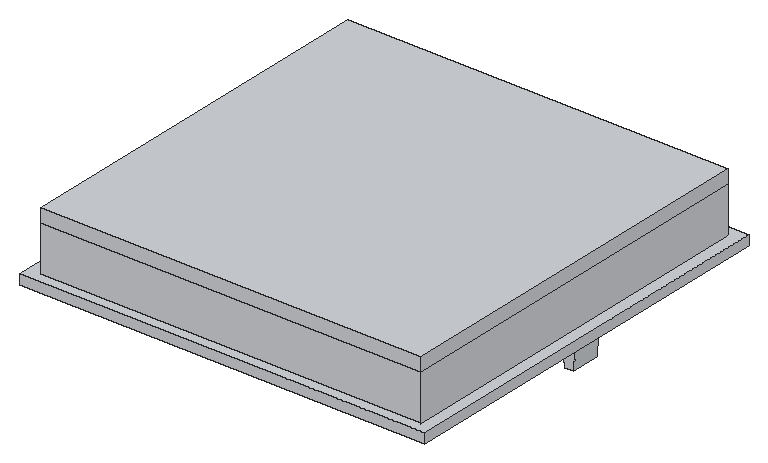
Revit family "Gira_028667", category Electrical Fixtures, host Face, Revit 2017
Family settings
  Host = Face
  Maintain Annotation Orientation = No
  Round Connector Dimension = Use Diameter
  Part Type = Normal
  Cut with Voids When Loaded = No
  Shared = No
  Room Calculation Point = No
Parameters (values of type "Rocker sym.bell Gira TX_44 (WP FM) anthra.")
  With exchangeable lens/symbol = "No"
  URL = "http://katalog.gira.de/en/datenblatt.html?artikelnr=028667"
  Suitable for touch sensor connector for bus system = "No"
  Scannable symbol / barrier free = "No"
  Name = "Rocker sym.bell Gira TX_44 (WP FM) anthra."
  Monitoring window/light outlet = "Yes"
  Model = "Single rocker"
  Manufacturer URL = "https://www.gira.de/"
  Manufacturer = "Gira"
  Keynote = ""
  HeinzeBIM = "https://bimportal.heinze.de/bim/rocker-sym-bell-gira-tx-44-wp-fm-anthra-/7b90f83a47f75efaf40ef20185bc394b96845e73"
  HAN = "028667"
  GTIN = "4010337286677"
  Description = "Rock.sym.bell TX_44 AN,Rocker with symbol,Bell,anthracite,Notes :,- Theft-prevention implemented via optional screw-in clamp piece. This makes plugging of cover frame unnecessary."
  Default Elevation = 1219.2 mm
  Data sheet (1) = "https://katalog.gira.de/en/download.html?artikelnr=028667"
  Category = "Control element/cover plate for domestic switching devices"
  BIM (1) = "https://media.stage.bim.site/public/gira/36a6b08/TX44_Abdeckung_Schalten und Tasten.rfa?public/gira/36a6b08/TX44_Abdeckung_Schalten und Tasten.rfa"
  Available = "No"
Reference planes
  plane 1 "Center (Front/Back)": y = 0
  plane 2: z = 0
  plane 3 "Center (Left/Right)": x = 0
Forms (mm)
  Extrusion 1, solid, detail levels fine
    sketch origin (0, 0, 0) x (1, 0, 0) y (0, 1, 0)
      loop
        line (34.85, 34.85) -> (-34.85, 34.85) -> (-34.85, -34.85) -> (34.85, -34.85) -> (34.85, 34.85)
      loop
        line (-31.45, 31.8) -> (-31.45, -31.8) -> (31.45, -31.8) -> (31.45, 31.8) -> (-31.45, 31.8)
    from 0 to 1.7
  Extrusion 2, solid, detail levels fine
    sketch origin (0, 0, 0) x (1, 0, 0) y (0, 1, 0)
      loop
        line (32.8, 33.05) -> (-32.8, 33.05) -> (-32.8, -33.05) -> (32.8, -33.05) -> (32.8, 33.05)
      loop
        line (-31.45, 31.8) -> (-31.45, -31.8) -> (31.45, -31.8) -> (31.45, 31.8) -> (-31.45, 31.8)
    from 1.566 to 9.515
  Extrusion 3, solid, detail levels fine
    sketch origin (0, 0, 0) x (1, 0, 0) y (0, 1, 0)
      loop
        line (32.8, 33.05) -> (-32.8, 33.05) -> (-32.8, -33.05) -> (32.8, -33.05) -> (32.8, 33.05)
    from 9.515 to 11.816
  Extrusion 4, solid, detail levels fine
    sketch origin (0, 0, 0) x (1, 0, 0) y (0, 0, 1)
      loop
        line (-32.815, 0) -> (-34.827, 0) -> (-34.611, -3.084) -> (-33.031, -3.084) -> (-32.815, 0)
      loop
        line (32.815, 0) -> (33.031, -3.084) -> (34.611, -3.084) -> (34.827, 0) -> (32.815, 0)
    from -2.513 to 2.5
  Extrusion 5, solid, detail levels fine
    sketch origin (0, 0, 0) x (1, 0, 0) y (0, 1, 0)
      loop
        spline (-23.686, 23.152) -> (-23.856, 23.114) -> (-24.022, 23.062) -> (-24.184, 22.995) -> (-24.338, 22.915) -> (-24.486, 22.821) -> (-24.624, 22.715) -> (-24.753, 22.597) -> (-24.87, 22.468) -> (-24.977, 22.33) -> (-25.07, 22.183) -> (-25.151, 22.028) -> (-25.218, 21.867)
        line (-25.218, 21.867) -> (-29.35, 10.513) -> (-29.35, -10.487) -> (-25.218, -21.841)
        spline (-25.218, -21.841) -> (-25.151, -22.002) -> (-25.07, -22.156) -> (-24.977, -22.304) -> (-24.87, -22.442) -> (-24.753, -22.571) -> (-24.624, -22.688) -> (-24.486, -22.795) -> (-24.338, -22.888) -> (-24.184, -22.969) -> (-24.022, -23.036) -> (-23.856, -23.088) -> (-23.686, -23.126)
        line (-23.686, -23.126) -> (0, -27.302) -> (23.686, -23.126)
        spline (23.686, -23.126) -> (23.856, -23.088) -> (24.022, -23.036) -> (24.184, -22.969) -> (24.338, -22.888) -> (24.486, -22.795) -> (24.624, -22.688) -> (24.753, -22.571) -> (24.87, -22.442) -> (24.977, -22.304) -> (25.07, -22.156) -> (25.151, -22.002) -> (25.218, -21.841)
        line (25.218, -21.841) -> (29.35, -10.487) -> (29.35, 10.513) -> (25.218, 21.867)
        spline (25.218, 21.867) -> (25.151, 22.028) -> (25.07, 22.183) -> (24.977, 22.33) -> (24.87, 22.468) -> (24.753, 22.597) -> (24.624, 22.715) -> (24.486, 22.821) -> (24.338, 22.915) -> (24.184, 22.995) -> (24.022, 23.062) -> (23.856, 23.114) -> (23.686, 23.152)
        line (23.686, 23.152) -> (0, 27.328) -> (-23.686, 23.152)
      loop
        line (-24.278, 21.525) -> (-28.35, 10.337) -> (-28.35, -10.311) -> (-24.278, -21.498)
        spline (-24.278, -21.498) -> (-24.245, -21.579) -> (-24.204, -21.656) -> (-24.157, -21.73) -> (-24.104, -21.799) -> (-24.045, -21.863) -> (-23.981, -21.922) -> (-23.912, -21.976) -> (-23.838, -22.022) -> (-23.761, -22.063) -> (-23.68, -22.096) -> (-23.597, -22.122) -> (-23.512, -22.141)
        line (-23.512, -22.141) -> (0, -26.287) -> (23.512, -22.141)
        spline (23.512, -22.141) -> (23.597, -22.122) -> (23.68, -22.096) -> (23.761, -22.063) -> (23.838, -22.022) -> (23.912, -21.976) -> (23.981, -21.922) -> (24.045, -21.863) -> (24.104, -21.799) -> (24.157, -21.73) -> (24.204, -21.656) -> (24.245, -21.579) -> (24.278, -21.498)
        line (24.278, -21.498) -> (28.35, -10.311) -> (28.35, 10.337) -> (24.278, 21.525)
        spline (24.278, 21.525) -> (24.245, 21.605) -> (24.204, 21.683) -> (24.157, 21.756) -> (24.104, 21.825) -> (24.045, 21.89) -> (23.981, 21.949) -> (23.912, 22.002) -> (23.838, 22.048) -> (23.761, 22.089) -> (23.68, 22.122) -> (23.597, 22.148) -> (23.512, 22.167)
        line (23.512, 22.167) -> (0, 26.313) -> (-23.512, 22.167)
        spline (-23.512, 22.167) -> (-23.597, 22.148) -> (-23.68, 22.122) -> (-23.761, 22.089) -> (-23.838, 22.048) -> (-23.912, 22.002) -> (-23.981, 21.949) -> (-24.045, 21.89) -> (-24.104, 21.825) -> (-24.157, 21.756) -> (-24.204, 21.683) -> (-24.245, 21.605) -> (-24.278, 21.525)
    from 4.866 to 9.515
  Extrusion 6, solid, detail levels fine
    sketch origin (0, 0, 0) x (1, 0, 0) y (0, 1, 0)
      loop
        arc (0, 8.51) -> (-1.055, 8.223) -> (-1.717, 7.352) r 1.7
        line (-1.717, 7.352) -> (-2.205, 5.894) -> (-2.205, 4.213) -> (-4.36, 4.213)
        arc (-4.36, 4.213) -> (-4.865, 4.091) -> (-5.257, 3.75) r 1.1
        arc (-5.257, 3.75) -> (-6.02, 2.328) -> (-6.406, 0.761) r 6.45
        arc (-6.406, 0.761) -> (-6.7, 0.013) -> (-6.406, -0.735) r 1.1
        arc (-6.406, -0.735) -> (-6.02, -2.302) -> (-5.257, -3.724) r 6.45
        arc (-5.257, -3.724) -> (-4.865, -4.064) -> (-4.36, -4.187) r 1.1
        line (-4.36, -4.187) -> (-2.1, -4.187) -> (-2.1, -5.243)
        arc (-2.1, -5.243) -> (-1.847, -5.944) -> (-1.206, -6.323) r 1.1
        arc (-1.206, -6.323) -> (0, -6.437) -> (1.206, -6.323) r 6.45
        arc (1.206, -6.323) -> (1.847, -5.944) -> (2.1, -5.243) r 1.1
        line (2.1, -5.243) -> (2.1, -4.187) -> (4.36, -4.187)
        arc (4.36, -4.187) -> (4.865, -4.064) -> (5.257, -3.724) r 1.1
        arc (5.257, -3.724) -> (6.02, -2.302) -> (6.406, -0.735) r 6.45
        arc (6.406, -0.735) -> (6.7, 0.013) -> (6.406, 0.761) r 1.1
        arc (6.406, 0.761) -> (6.02, 2.328) -> (5.257, 3.75) r 6.45
        arc (5.257, 3.75) -> (4.865, 4.091) -> (4.36, 4.213) r 1.1
        line (4.36, 4.213) -> (2.205, 4.213) -> (2.205, 5.894) -> (1.717, 7.352)
        arc (1.717, 7.352) -> (1.055, 8.223) -> (0, 8.51) r 1.7
    from -6.834 to 9.515
  Extrusion 7, solid, detail levels coarse
    sketch origin (0, 0, 0) x (1, 0, 0) y (0, 1, 0)
      loop
        line (34.85, 34.85) -> (-34.85, 34.85) -> (-34.85, -34.85) -> (34.85, -34.85) -> (34.85, 34.85)
    from -6.834 to 11.816
  Extrusion 8, solid, detail levels medium
    sketch origin (0, 0, 0) x (1, 0, 0) y (0, 1, 0)
      loop
        line (32.8, 33.05) -> (-32.8, 33.05) -> (-32.8, -33.05) -> (32.8, -33.05) -> (32.8, 33.05)
    from 1.566 to 11.816
  Extrusion 9, solid, detail levels medium
    sketch origin (0, 0, 0) x (1, 0, 0) y (0, 1, 0)
      loop
        line (34.85, 34.85) -> (-34.85, 34.85) -> (-34.85, -34.85) -> (34.85, -34.85) -> (34.85, 34.85)
    from 0 to 1.7
  Extrusion 10, solid, detail levels medium
    sketch origin (0, 0, 0) x (1, 0, 0) y (0, 1, 0)
      loop
        circle (0, 1.036) r 7.473
    from -6.834 to 9.515
  Extrusion 11, solid, detail levels medium
    sketch origin (0, 0, 0) x (1, 0, 0) y (0, 0, 1)
      loop
        line (-32.815, -3.084) -> (-32.815, 0) -> (-34.827, 0) -> (-34.827, -3.084) -> (-32.815, -3.084)
      loop
        line (32.815, -3.084) -> (34.827, -3.084) -> (34.827, 0) -> (32.815, 0) -> (32.815, -3.084)
    from -2.513 to 2.5
Dimensions and locks
  aligned and locked: plane 2 to host face
  aligned and locked: level to host face
